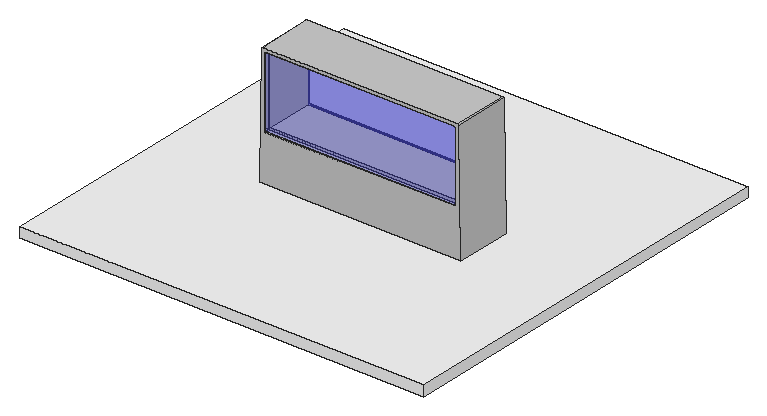
Revit family "BE_24473_de_DE", category Leuchten, Revit 2020
Family settings
  Basisbauteil = Fläche
  Bemaßung runder Anschluss = Durchmesser verwenden
  Teiletyp = Normal
  Beim Laden mit Abzugskörper schneiden = Ja
  Lichtquelle = Ja
  Gemeinsam genutzt = Nein
  Raumberechnungspunkt = Ja
Parameters (values of type "BEGA_24473_Silber_K3")
  built-in parameter 1150104 = 15.402 (stored number, unit not read)
  Wattage = 3.8 W
  Default Elevation = 0 mm
  built-in parameter 1150113 = 1 (stored number, unit not read)
  built-in parameter 1114218 = 1 (stored number, unit not read)
  Umgebungstemperatur = "25 °C"
  URL = "https://www.bega.com/de/produkt/24473"
  Typenkommentare = "© 2023 BEGA. Wir behalten uns das Recht vor, technische Änderungen ohne vorherige Ankündigung vorzunehmen."  # constant formula
  built-in parameter 1150134 = (empty or 0)
  built-in parameter 1150109 = 1 (stored number, unit not read)
  Strom = ""
  built-in parameter 1150110 = 1 (stored number, unit not read)
  Spannung = 239.996 V
  Sonderanfertigung = no
  Seriennummer [instance] = "Hier können Sie die eindeutige Seriennummer für das Facility Management eintragen."
  Schutzklasse = "I"
  Schutzart = "IP 65"
  Scheinlast = 0 VA
  Produktdatenblatt = "https://cdn.bega.com/bega/products/24473K3/current/documents/data-sheets/de"
  Oberflächentemperatur = ""
  Neigungswinkel = 0.00°
  Modell = "24473AK3"
  Material_11 = BEGA_Glas_opal
  Material_03 = BEGA_Oberfläche_Weiss_matt
  Material_02 = BEGA_Oberfläche_Silber_matt
  Material_01 [instance] = BEGA_Oberfläche_Grafit_matt
  M_W = no
  M_G = no
  M_A = yes
  Logo = 0
  built-in parameter 1114217 = 1 (stored number, unit not read)
  built-in parameter 1150139 = (empty or 0)
  built-in parameter 1150105 = 50.134 (stored number, unit not read)
  built-in parameter 1150114 = 1 (stored number, unit not read)
  Lumens = 630.002 lm
  built-in parameter 1150115 = 1 (stored number, unit not read)
  Leuchtenlichtstrom = "311 lm"
  Leuchtenanzahl = ""
  Lebensdauerkriterien = "L70B50 @ 25 °C = 200000 h"
  Lastklassifizierung = Beleuchtung
  built-in parameter 1150112 = 1 (stored number, unit not read)
  Lampenlichtstrom = "630 lm"
  Lampe = "LED 3.8 W"
  LED_Modulbezeichnung = "LED-0424/930"
  built-in parameter 1150142 = (empty or 0)
  Hersteller = "BEGA"  # constant formula
  Halbstreuwinkel = ""
  Gewicht = "1.05 kg"
  Gebrauchslageneinschränkung [instance] = ""
  Frequenz = "0/50-60 Hz"
  Farbwiedergabeindex = "CRI > 90"
  Farbtemperaturverschiebung bei Dämpfen der Lampe = <Keine Auswahl>
  Farbtemperatur = "3000 K"
  Color Filter = 16777215
  built-in parameter 1150133 = 10 (stored number, unit not read)
  Energieeffizienzklasse = "LED A++ - A"
  built-in parameter 1150137 = (empty or 0)
  built-in parameter 1150132 = (empty or 0)
  ENEC = "ja"
  Dimmbar [instance] = "on/off"
  Datei für fotometrisches Netz = "BE_24473K3.IES"
  CE_Konformität = "ja"
  Bestellnummer = "24473AK3"
  Beschreibung_Sonderanfertigung = "Hier können Sie Informationen zur Sonderanfertigung eintragen."
  Beschreibung = "Wandleuchte"
  built-in parameter 1150106 = 0.50134 (stored number, unit not read)
  Befestigungsbohrung = "Ø 4,5 mm"
  Befestigungsabstand = "177 mm"
  Ballwurfsicher = ""
  BEGA_Intern_aus = yes
  BEGA_Intern_an = yes
  BEGA_Intern_Konstruktion = yes
  BEGA_Intern = yes
  BEGA_IES = yes
  BEGA_Dummy = no
  Anschlussleitung = ""
  Anschlussleistung [instance] = "5 W"
  Anschlusskasten = ""
  built-in parameter 1150107 = 3000 (stored number, unit not read)
  built-in parameter 1150102 = (empty or 0)
  built-in parameter 1150138 = (empty or 0)
  Aktualisierung = "2023-03-23T04:00:03"
  Abstand_zur_angestrahlten_Fläche [instance] = ""
  AC/DC = "AC/DC"
Types (6, lengths in mm): name | built-in parameter 1150104 | built-in parameter 1150134 | Modell | M_W | M_G | M_A | built-in parameter 1150105 | Lumens | Leuchtenlichtstrom | Lampenlichtstrom | LED_Modulbezeichnung | Farbtemperatur | Datei für fotometrisches Netz | Bestellnummer | built-in parameter 1150106 | built-in parameter 1150107
  BEGA_24473_Grafit_K3 | 15.402 (stored number, unit not read) | (empty or 0) | "24473K3" | no | yes | no | 50.134 (stored number, unit not read) | 630.002 lm | "311 lm" | "630 lm" | "LED-0424/930" | "3000 K" | "BE_24473K3.IES" | "24473K3" | 0.50134 (stored number, unit not read) | 3000 (stored number, unit not read)
  BEGA_24473_Grafit_K4 | 16.258 (stored number, unit not read) | 12 | "24473K4" | no | yes | no | 52.919 (stored number, unit not read) | 665 lm | "328 lm" | "665 lm" | "LED-0424/940" | "4000 K" | "BE_24473K4.IES" | "24473K4" | 0.52919 (stored number, unit not read) | 4000 (stored number, unit not read)
  BEGA_24473_Silber_K4 | 16.258 (stored number, unit not read) | 12 | "24473AK4" | no | no | yes | 52.919 (stored number, unit not read) | 665 lm | "328 lm" | "665 lm" | "LED-0424/940" | "4000 K" | "BE_24473K4.IES" | "24473AK4" | 0.52919 (stored number, unit not read) | 4000 (stored number, unit not read)
  BEGA_24473_Silber_K3 | 15.402 (stored number, unit not read) | (empty or 0) | "24473AK3" | no | no | yes | 50.134 (stored number, unit not read) | 630.002 lm | "311 lm" | "630 lm" | "LED-0424/930" | "3000 K" | "BE_24473K3.IES" | "24473AK3" | 0.50134 (stored number, unit not read) | 3000 (stored number, unit not read)
  BEGA_24473_Weiß_K4 | 16.258 (stored number, unit not read) | 12 | "24473WK4" | yes | no | no | 52.919 (stored number, unit not read) | 665 lm | "328 lm" | "665 lm" | "LED-0424/940" | "4000 K" | "BE_24473K4.IES" | "24473WK4" | 0.52919 (stored number, unit not read) | 4000 (stored number, unit not read)
  BEGA_24473_Weiß_K3 | 15.402 (stored number, unit not read) | (empty or 0) | "24473WK3" | yes | no | no | 50.134 (stored number, unit not read) | 630.002 lm | "311 lm" | "630 lm" | "LED-0424/930" | "3000 K" | "BE_24473K3.IES" | "24473WK3" | 0.50134 (stored number, unit not read) | 3000 (stored number, unit not read)
Reference planes
  plane 1 "Mitte (Vorne/Hinten)": y = 0
  plane 2: z = 0
  plane 3 "Mitte (Links/Rechts)": x = 0
  plane 4 "Links": x = -99.535
  plane 5 "Rechts": x = 99.535
  plane 6 "Unten": y = -28.88
  plane 7 "Oben": y = 25.74
  plane 8 "Vorne": z = 120
  plane 9 "Hinten": z = 0
Forms (mm)
  Extrusion 1, solid, material "BEGA_Platte_Weiss"
    sketch origin (0, -1119.2, 0) x (1, 0, 0) y (0, 1, 0)
      loop
        line (-200, 1319.2) -> (-200, 919.2) -> (200, 919.2) -> (200, 1319.2) -> (-200, 1319.2)
    from 0 to -10
  Extrusion 2, solid, material "BEGA_Dummy_matt", visible <- "BEGA_Dummy"
    sketch origin (80.095, -76.023, 0) x (1, 0, 0) y (0, 1, 0)
      loop
        line (-179.63, 101.953) -> (-179.63, 46.953) -> (19.44, 46.953) -> (19.44, 101.953) -> (-179.63, 101.953)
    from 0 to 120
Dimensions and locks
  plane 1 "Mitte (Vorne/Hinten)" to Extrusion 1 = 200 mm
  aligned and locked: Extrusion 1 to plane 2
  aligned and locked: Extrusion 1 to level
Nested families
  nested 1: "BE_24473_Leuchte" at (0, 0, 0), type "BE_24473_Leuchte"
Connectors
  electrical at (0, 0, 0), driven by "Lastklassifizierung", driven by "Spannung", driven by "Scheinlast"
    settings: index 1, voltage 239.996 V, apparent load 0 VA, apparent load phase1 0 VA, apparent load phase2 0 VA, apparent load phase3 0 VA, power factor 1, load classification "Beleuchtung", number of poles 1, system type 31, power factor state 1, is connector primary yes, connector utility no, sub classification motor no, connector description ""
Definition of nested family "BE_24473_Leuchte"
  Parameters (values of type "BE_24473_Leuchte")
    Default Elevation = 1 mm
    URL = "http://www.bega.de/de/produkt"
    Type Comments = "© 2015 BEGA. Wir behalten uns das Recht vor, technische Änderungen ohne vorherige Ankündigung vorzunehmen. "  # constant formula
    Type Image = (empty or 0)
    Material_11 = none
    Material_03 = none
    Material_02 = none
    Material_01 = none
    M_W = yes
    M_G = yes
    M_A = yes
    Länge_Platte = 200 mm  # constant formula
    Höhe_Platte = -10 mm  # constant formula
    Manufacturer = "BEGA"  # constant formula
    Breite_Platte = 200 mm  # constant formula
  Reference planes
    plane 1 "Mitte (Oben/Unten)": y = 0
    plane 2: z = 0
    plane 3 "Mitte (Links/Rechts)": x = 0
  Forms (mm)
    Extrusion 1, solid, detail levels medium
      sketch origin (0, 0, 0) x (1, 0, 0) y (0, 1, 0)
        loop
          line (-100, 100) -> (-100, -100) -> (100, -100) -> (100, 100) -> (-100, 100)
      from 0 to -10 <- "Höhe_Platte"
    Extrusion 2, solid, material <- "Material_01", visible <- "M_G"
      sketch origin (0, 0, 0) x (1, 0, 0) y (0, 0, 1)
        loop
          line (-99.535, 0) -> (99.535, 0) -> (97.457, 119.017)
          arc (97.457, 119.017) -> (97.159, 119.713) -> (96.458, 120) r 1
          line (96.458, 120) -> (-96.458, 120)
          arc (-96.458, 120) -> (-97.159, 119.713) -> (-97.457, 119.017) r 1
          line (-97.457, 119.017) -> (-99.535, 0)
      from -25.93 to 29.07
    Extrusion 3, solid, material <- "Material_02", visible <- "M_A"
      sketch origin (0, 0, 0) x (1, 0, 0) y (0, 0, 1)
        loop
          line (-99.535, 0) -> (99.535, 0) -> (97.457, 119.017)
          arc (97.457, 119.017) -> (97.159, 119.713) -> (96.458, 120) r 1
          line (96.458, 120) -> (-96.458, 120)
          arc (-96.458, 120) -> (-97.159, 119.713) -> (-97.457, 119.017) r 1
          line (-97.457, 119.017) -> (-99.535, 0)
      from -25.93 to 29.07
    Extrusion 4, solid, material <- "Material_03", visible <- "M_W"
      sketch origin (0, 0, 0) x (1, 0, 0) y (0, 0, 1)
        loop
          line (-99.535, 0) -> (99.535, 0) -> (97.457, 119.017)
          arc (97.457, 119.017) -> (97.159, 119.713) -> (96.458, 120) r 1
          line (96.458, 120) -> (-96.458, 120)
          arc (-96.458, 120) -> (-97.159, 119.713) -> (-97.457, 119.017) r 1
          line (-97.457, 119.017) -> (-99.535, 0)
      from -25.93 to 29.07
    Extrusion 5, void
      sketch origin (0, 0, 0) x (0, 1, 0) y (0, 0, 1)
        loop
          line (-38.888, 115.492) -> (-38.888, 48.884) -> (39.933, 47.508) -> (39.933, 115.492) -> (-38.888, 115.492)
      from -92.989 to 92.989
    Extrusion 6, void
      sketch origin (0, 0, 0) x (1, 0, 0) y (0, 0, 1)
        loop
          arc (-92.986, 116.986) -> (-94.047, 116.547) -> (-94.486, 115.486) r 1.5
          line (-94.486, 115.486) -> (-94.486, 47.514)
          arc (-94.486, 47.514) -> (-94.047, 46.453) -> (-92.986, 46.014) r 1.5
          line (-92.986, 46.014) -> (92.986, 46.014)
          arc (92.986, 46.014) -> (94.047, 46.453) -> (94.486, 47.514) r 1.5
          line (94.486, 47.514) -> (94.486, 115.486)
          arc (94.486, 115.486) -> (94.047, 116.547) -> (92.986, 116.986) r 1.5
          line (92.986, 116.986) -> (-92.986, 116.986)
      from 24.87 to 29.07
    Extrusion 7, void
      sketch origin (0, 0, 0) x (1, 0, 0) y (0, 0, -1)
        loop
          line (-92.986, -116.986) -> (92.986, -116.986)
          arc (92.986, -116.986) -> (94.047, -116.547) -> (94.486, -115.486) r 1.5
          line (94.486, -115.486) -> (94.486, -47.514)
          arc (94.486, -47.514) -> (94.047, -46.453) -> (92.986, -46.014) r 1.5
          line (92.986, -46.014) -> (-92.986, -46.014)
          arc (-92.986, -46.014) -> (-94.047, -46.453) -> (-94.486, -47.514) r 1.5
          line (-94.486, -47.514) -> (-94.486, -115.486)
          arc (-94.486, -115.486) -> (-94.047, -116.547) -> (-92.986, -116.986) r 1.5
      from 21.74 to 25.93
    Extrusion 8, solid, material <- "Material_11"
      sketch origin (0, 0, 0) x (1, 0, 0) y (0, 0, 1)
        loop
          line (-94, 116.5) -> (-94, 46.5) -> (94, 46.5) -> (94, 116.5) -> (-94, 116.5)
      from 24.87 to 28.88
    Extrusion 9, solid, material <- "Material_11"
      sketch origin (0, 0, 0) x (1, 0, 0) y (0, 0, -1)
        loop
          line (-94, -116.5) -> (94, -116.5) -> (94, -46.5) -> (-94, -46.5) -> (-94, -116.5)
      from 21.74 to 25.74
  Cuts and joins
    Extrusion 5, Extrusion 6, Extrusion 7 cuts Extrusion 2
    Extrusion 5, Extrusion 6, Extrusion 7 cuts Extrusion 3
    Extrusion 5, Extrusion 6, Extrusion 7 cuts Extrusion 4
  Dimensions and locks
    equal spacing: Extrusion 1 sketch curve, plane 3 "Mitte (Links/Rechts)", Extrusion 1 sketch curve
    equal spacing: Extrusion 1 sketch curve, plane 1 "Mitte (Oben/Unten)", Extrusion 1 sketch curve
    "Länge_Platte": Extrusion 1 sketch curve to Extrusion 1 sketch curve
    "Breite_Platte": Extrusion 1 sketch curve to Extrusion 1 sketch curve
    plane 1 "Mitte (Oben/Unten)" to Extrusion 1 = 100 mm  (x3)
    aligned and locked: Extrusion 1 to plane 2
    aligned and locked: level to Extrusion 1
  Automatic sketch dimensions
    level to Extrusion 2 sketch curve = 0 mm
    Extrusion 2 sketch curve to plane 3 "Mitte (Links/Rechts)" = 99.535 mm
    Extrusion 2 sketch curve to plane 3 "Mitte (Links/Rechts)" = 96.458 mm
    plane 3 "Mitte (Links/Rechts)" to Extrusion 2 sketch curve = 96.458 mm
    plane 3 "Mitte (Links/Rechts)" to Extrusion 2 sketch curve = 99.535 mm
    Extrusion 2 sketch curve to Extrusion 2 sketch curve = 119 mm  (x2)
    Extrusion 2 sketch curve to Extrusion 2 sketch curve = 1 mm  (x3)
    Extrusion 2 sketch curve to Extrusion 2 sketch curve = 0 mm  (x4)
    level to Extrusion 3 sketch curve = 0 mm
    Extrusion 3 sketch curve to plane 3 "Mitte (Links/Rechts)" = 99.535 mm
    Extrusion 3 sketch curve to plane 3 "Mitte (Links/Rechts)" = 96.458 mm
    plane 3 "Mitte (Links/Rechts)" to Extrusion 3 sketch curve = 96.458 mm
    plane 3 "Mitte (Links/Rechts)" to Extrusion 3 sketch curve = 99.535 mm
    Extrusion 3 sketch curve to Extrusion 3 sketch curve = 119 mm  (x2)
    Extrusion 3 sketch curve to Extrusion 3 sketch curve = 1 mm  (x3)
    Extrusion 3 sketch curve to Extrusion 3 sketch curve = 0 mm  (x4)
    level to Extrusion 4 sketch curve = 0 mm
    Extrusion 4 sketch curve to plane 3 "Mitte (Links/Rechts)" = 99.535 mm
    Extrusion 4 sketch curve to plane 3 "Mitte (Links/Rechts)" = 96.458 mm
    plane 3 "Mitte (Links/Rechts)" to Extrusion 4 sketch curve = 96.458 mm
    plane 3 "Mitte (Links/Rechts)" to Extrusion 4 sketch curve = 99.535 mm
    Extrusion 4 sketch curve to Extrusion 4 sketch curve = 119 mm  (x2)
    Extrusion 4 sketch curve to Extrusion 4 sketch curve = 1 mm  (x3)
    Extrusion 4 sketch curve to Extrusion 4 sketch curve = 0 mm  (x4)
    plane 1 "Mitte (Oben/Unten)" to Extrusion 5 sketch curve = 38.888 mm
    Extrusion 5 sketch curve to plane 1 "Mitte (Oben/Unten)" = 39.933 mm
    level to Extrusion 5 sketch curve = 47.508 mm
    level to Extrusion 5 sketch curve = 48.884 mm
    Extrusion 5 sketch curve to Extrusion 5 sketch curve = 66.607 mm
    Extrusion 6 sketch curve to plane 3 "Mitte (Links/Rechts)" = 92.986 mm
    Extrusion 6 sketch curve to Extrusion 6 sketch curve = 0 mm  (x22)
    plane 3 "Mitte (Links/Rechts)" to Extrusion 6 sketch curve = 92.986 mm
    level to Extrusion 6 sketch curve = 47.514 mm  (x2)
    Extrusion 6 sketch curve to Extrusion 6 sketch curve = 67.972 mm  (x2)
    Extrusion 6 sketch curve to Extrusion 6 sketch curve = 1.5 mm  (x4)
    Extrusion 7 sketch curve to plane 3 "Mitte (Links/Rechts)" = 92.986 mm
    Extrusion 7 sketch curve to Extrusion 7 sketch curve = 0 mm  (x22)
    plane 3 "Mitte (Links/Rechts)" to Extrusion 7 sketch curve = 92.986 mm
    level to Extrusion 7 sketch curve = 115.486 mm  (x2)
    level to Extrusion 7 sketch curve = 47.514 mm  (x2)
    Extrusion 7 sketch curve to Extrusion 7 sketch curve = 1.5 mm  (x4)
    level to Extrusion 8 sketch curve = 46.5 mm
    Extrusion 8 sketch curve to plane 3 "Mitte (Links/Rechts)" = 94 mm
    plane 3 "Mitte (Links/Rechts)" to Extrusion 8 sketch curve = 94 mm
    Extrusion 8 sketch curve to Extrusion 8 sketch curve = 70 mm
    level to Extrusion 9 sketch curve = 46.5 mm
    Extrusion 9 sketch curve to plane 3 "Mitte (Links/Rechts)" = 94 mm
    plane 3 "Mitte (Links/Rechts)" to Extrusion 9 sketch curve = 94 mm
    Extrusion 9 sketch curve to Extrusion 9 sketch curve = 70 mm
